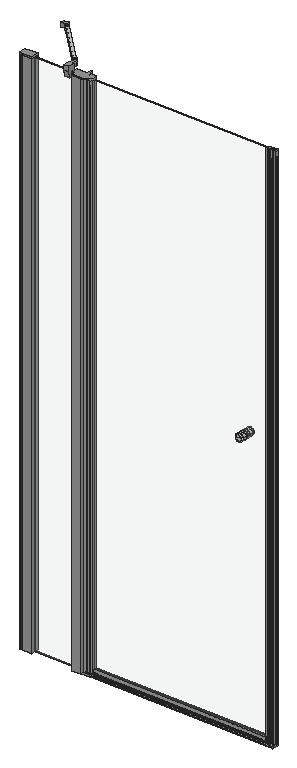
Revit family "Sanitary_Shower-screens_Duscholux_Giro_Fixed-Segment+Pivot-door-shower", category Plumbing Fixtures, Revit 2016
Family settings
  Part Type = Normal
  Round Connector Dimension = Use Diameter
  OmniClass Number = 23.45.00.00
  OmniClass Title = Sanitary, Laundry, and Cleaning Equipment
  Work Plane-Based = No
  Always vertical = Yes
  Cut with Voids When Loaded = No
  Shared = No
  Room Calculation Point = No
Parameters (values of type "Shiny silver Finish")
  Width = 900 mm
  Uniclass 2015 Description = "Shower Enclosures"
  Uniclass 2015 Code = "PR-40-20-06-79"
  URL = "http://www.duscholux.es/"
  UNSPSC Code = "30181507"
  Thickness Glass = 5 mm  # constant formula
  Technical Inspection Certificate (Applus) = "http://www.duscholux.es/resources/custom/var/APPLUS_en.pdf"
  Series = "Plus Evolution Giro"
  Region South America = "Consult"
  Region Oceania = "Consult"
  Region North America = "Consult"
  Region Middle East = "Consult"
  Region Europe = "AD, ES, FR, PT"
  Region Asia = "Consult"
  Region Antartica = "Consult"
  Region Africa = "Consult"
  Ref. = "7BA / 7BC"
  Products = "http://www.duscholux.es/mamparas_filtro.aspx?es"
  Product group = "Front for shower"
  Product family = "Plus Evolution Giro"
  Opening System Image = "http://blob.duscholux.es/pluma512/FDIzq1f1pabatible180.gif"
  Opening System = "Pivot Door"
  Opening angle = 0.00°
  Net Weight (Kg) = 30
  NBS Reference Description = "Shower Enclosures"
  NBS Reference Code = "45-35-70"
  Model = ""
  Min Max Width = if(Width < 800 mm, 800 mm, if(Width > 1200 mm, 1200 mm, Width))  # 900 mm
  Max Height = if(Height > 2000 mm, 2000 mm, Height)  # 1900 mm
  Manufacturer name = "Duscholux Ibérica, S.A."
  Manufacturer country = "Spain"
  Maintenance and Cleaning = "http://www.duscholux.es/mamparas_limpieza.aspx?en"
  Image = "http://www.duscholux.es/resources/custom/img/mamparas/PLUS%20EVOLUTION%20GIRO/modelos/1F1PFDA/mampara_h.jpg"
  IFC Classification = "Furnishing Element"
  Height = 1900 mm
  Handle Material = Matt Silver Aluminium Finish
  Handle Height = Max Height / 2  # 950 mm
  Glass in Building UNE EN 12150 = "CE Conformity marking"
  Glass height = Max Height - 8 mm  # 1892 mm
  Glass Material = Glass_Material-Duscholux
  Frame Material = Shiny Silver  Aluminium Finish
  Fact Sheet = "http://blob.duscholux.es/enpdf2018/Giro1F1PFD.pdf"
  Manufacturer = "Duscholux Ibérica, S.A."
  Environmental Management ISO 14001 = "ECOEMBES Certificate"
  Edition number = "1"
  Door Aperture = Min Max Width - 240 mm - 21 mm  # 639 mm
  Design country = "Spain / Germany"
  Description = "Front 1 Fixed segment + 1 pivot door at 180° for shower"
  Date of publishing = ""
  COBIe Type Category = ""
  Brand = "Duscholux"
  Assembly Code = "C1030200"
  Configuration enclosure = "http://configuratumampara.duscholux.es/eCatalogo.aspx"
  Components = "Eropean components"
  Type Comments = ""
  Combinations = "Lateral 90° / Lateral180°"
  Certified Quality UNE EN 14428 = "http://www.duscholux.es/duscholux_downloads.aspx?es"
  Accesories Material = Plastic, Gray
Types (4, lengths in mm): name | Width | Min Max Width | Handle Material | Frame Material | Door Aperture | Design country | Accesories Material
  (no name) | 900 | 900 | Matt Silver Aluminium Finish | Shiny Silver  Aluminium Finish | 639 | "Spain / Germany" | Plastic, Gray
  Shiny silver Finish | 900 | 900 | Matt Silver Aluminium Finish | Shiny Silver  Aluminium Finish | 639 | "Spain / Germany" | Plastic, Gray
  White Aluminium Finish | 800 | 800 | White Finish | White Aluminium Finish | 539 | "Eropean components" | White Finish
  Silver Matt Aluminium Finish | 900 | 900 | Matt Silver Aluminium Finish | Matt Silver Aluminium Finish | 639 | "Spain / Germany" | Plastic, Gray
Reference planes
  plane 1 "Centro (Frontal/Posterior)": y = 0
  plane 2: z = 0
  plane 3 "Centro (Izquierda/Derecha)": x = 0
  plane 4: z = 1900
  plane 5: x = 900
  plane 6: z = 950
  plane 7: z = 0
  plane 8: z = 8
  plane 9: y = -15.3
  plane 10: x = 879
  plane 11: z = 1896
  plane 12: x = 239.984
  plane 13: z = 1892
Forms (mm)
  Extrusion 1, solid, material "Glass_Material-Duscholux" <- "Glass Material"
    sketch origin (243.149, 15.3, 0) x (1, 0, 0) y (0, 1, 0)
      loop
        line (-0.257, -12.8) -> (-0.257, -17.8) -> (627.451, -17.8) -> (627.451, -12.8) -> (-0.257, -12.8)
    from 8 to 1892
  Extrusion 2, solid, material "Shiny Silver  Aluminium Finish" <- "Frame Material"
    sketch origin (-390.95, 0.5, 0) x (1, 0, 0) y (0, 1, 0)
      loop
        line (1290.95, 3.5) -> (1278.95, 3.5) -> (1278.95, -4.5) -> (1290.95, -4.5) -> (1290.95, 3.5)
      loop
        line (1280.45, -3) -> (1289.45, -3) -> (1289.45, 2) -> (1280.45, 2) -> (1280.45, -3)
    from 0 to 1892
  Extrusion 3, solid, material "Plástico, transparente"
    sketch origin (-390.95, 0.5, 0) x (1, 0, 0) y (0, 1, 0)
      loop
        arc (1274.458, 6.25) -> (1271.362, 5.707) -> (1269.95, 2.898) r 3.5
        line (1269.95, 2.898) -> (1269.95, -3.898)
        arc (1269.95, -3.898) -> (1271.362, -6.707) -> (1274.458, -7.25) r 3.5
        line (1274.458, -7.25) -> (1279.376, -5.771) -> (1285.217, -5.771)
        arc (1285.217, -5.771) -> (1286.098, -5.396) -> (1286.436, -4.5) r 1.22
        line (1286.436, -4.5) -> (1278.95, -4.5) -> (1278.95, 3.5) -> (1286.436, 3.5)
        arc (1286.436, 3.5) -> (1286.098, 4.396) -> (1285.217, 4.771) r 1.22
        line (1285.217, 4.771) -> (1279.376, 4.771) -> (1274.458, 6.25)
    from 0 to 1892
  Extrusion 4, solid, material "Plástico, transparente"
    sketch origin (380.751, -62.856, 0) x (1, 0, 0) y (0, 1, 0)
      loop
        line (484.812, 65.711) -> (489.849, 65.711) -> (489.849, 60.001) -> (484.812, 60.001) -> (484.812, 59.001) -> (489.136, 59.001)
        arc (489.136, 59.001) -> (492.614, 56.681) -> (496.796, 56.63) r 7.362
        arc (496.796, 56.63) -> (497.847, 57.346) -> (498.249, 58.553) r 1.989
        line (498.249, 58.553) -> (498.249, 67.159)
        arc (498.249, 67.159) -> (497.84, 68.371) -> (496.78, 69.087) r 2
        arc (496.78, 69.087) -> (492.606, 69.031) -> (489.136, 66.711) r 7.349
        line (489.136, 66.711) -> (484.812, 66.711) -> (484.812, 65.711)
    from 0 to 1892
  Extrusion 5, solid, material "Plastic, Gray" <- "Accesories Material"
    sketch origin (0, 0, 0) x (1, 0, 0) y (0, 1, 0)
      loop
        line (900, 4) -> (888, 4) -> (888, -4) -> (900, -4) -> (900, 4)
    from 1892 to 1896
  Extrusion 6, solid, material "Shiny Silver  Aluminium Finish" <- "Frame Material", detail levels medium+fine
    sketch origin (0, 32.415, 0) x (0, 1, 0) y (0, 0, 1)
      loop
        line (-48.975, 0) -> (-39.375, 0) -> (-39.375, 3)
        arc (-39.375, 3) -> (-39.96, 4.414) -> (-41.375, 5) r 2
        line (-41.375, 5) -> (-46.975, 5)
        arc (-46.975, 5) -> (-48.389, 4.414) -> (-48.975, 3) r 2
        line (-48.975, 3) -> (-48.975, 0)
    from 252.729 to 886
  Extrusion 7, solid, material "Plastic, Gray" <- "Accesories Material", detail levels medium+fine
    sketch origin (0, 0, 0) x (1, 0, 0) y (0, 1, 0)
      loop
        arc (888.886, -5.45) -> (888.461, -6.475) -> (887.436, -6.9) r 1.45
        line (887.436, -6.9) -> (886, -6.9) -> (886, -18) -> (898, -18)
        arc (898, -18) -> (899.414, -17.414) -> (900, -16) r 2
        line (900, -16) -> (900, -4) -> (888.886, -4) -> (888.886, -5.45)
    from 0 to 6
  Extrusion 8, solid, material "Shiny Silver  Aluminium Finish" <- "Frame Material"
    sketch origin (0, 0, 0) x (1, 0, 0) y (0, 1, 0)
      loop
        line (183.4, 9.29) -> (183.4, 1.79) -> (193.9, 1.79) -> (193.9, -6.21) -> (183.4, -6.21) -> (183.4, -13.71) -> (211.45, -13.71) -> (211.45, -12.36) -> (184.75, -12.36) -> (184.75, -7.555) -> (195.25, -7.555) -> (195.25, 3.135) -> (184.75, 3.135) -> (184.75, 7.94) -> (211.45, 7.94) -> (211.45, 9.29) -> (183.4, 9.29)
    from 0 to 1892
  Extrusion 9, solid, material "Shiny Silver  Aluminium Finish" <- "Frame Material"
    sketch origin (0, 0, 0) x (1, 0, 0) y (0, 1, 0)
      loop
        line (43.002, 12.565) -> (11.652, 12.565) -> (11.652, 9.593) -> (41.752, 9.593) -> (41.752, 3.037) -> (31.002, 3.037) -> (31.002, -7.457) -> (41.752, -7.457) -> (41.752, -14.013) -> (11.652, -14.013) -> (11.652, -16.985) -> (43.002, -16.985) -> (43.002, -6.207) -> (32.502, -6.207) -> (32.502, 1.787) -> (43.002, 1.787) -> (43.002, 12.565)
    from 0 to 1892
  Extrusion 10, solid, material "Shiny Silver  Aluminium Finish" <- "Frame Material"
    sketch origin (0, 0, 0) x (1, 0, 0) y (0, 1, 0)
      loop
        line (31.002, 9.392) -> (0, 9.392) -> (0, 7.892) -> (1.25, 7.892) -> (1.25, -12.308) -> (0, -12.308) -> (0, -13.808) -> (31.002, -13.808) -> (31.002, -12.308) -> (2.752, -12.308) -> (2.752, 7.892) -> (31.002, 7.892) -> (31.002, 9.392)
    from 0 to 1892
  Extrusion 11, solid, material "Glass_Material-Duscholux" <- "Glass Material"
    sketch origin (0, -2.21, 0) x (1, 0, 0) y (0, 1, 0)
      loop
        line (32.502, 2.5) -> (32.502, -2.5) -> (193.9, -2.5) -> (193.9, 2.5) -> (32.502, 2.5)
    from 0 to 1892
  Extrusion 12, solid, material "Shiny Silver  Aluminium Finish" <- "Frame Material"
    sketch origin (73.4, 0, 0) x (1, 0, 0) y (0, 1, 0)
      loop
        line (148.502, 28.54) -> (144.852, 28.54) -> (144.852, 10.89) -> (118.352, 10.89) -> (118.352, 9.39) -> (143.482, 9.39) -> (143.482, -13.81) -> (116.552, -13.81) -> (116.552, -20.87) -> (149.402, -20.87) -> (149.402, -12.5) -> (152.851, -12.5) -> (158.356, -6)
        arc (158.356, -6) -> (156.351, -0.015) -> (158.239, 6.008) r 10.234
        line (158.239, 6.008) -> (152.851, 14) -> (152.851, 15.023) -> (151.224, 24.249) -> (148.502, 28.54)
    from 0 to 1892
  Extrusion 13, solid, material "Plastic, Gray" <- "Accesories Material", detail levels medium+fine
    sketch origin (0, 0, 0) x (1, 0, 0) y (0, 1, 0)
      loop
        line (222.802, -18) -> (252.729, -18) -> (252.729, -4.689) -> (245.132, -8.76)
        arc (245.132, -8.76) -> (237.916, -9.938) -> (231.756, -6) r 10.234
        line (231.756, -6) -> (226.251, -12.5) -> (222.802, -12.5) -> (222.802, -18)
    from 0 to 6
  Extrusion 14, solid, material "Shiny Silver  Aluminium Finish" <- "Frame Material"
    sketch origin (239.984, 0, 0) x (1, 0, 0) y (0, 1, 0)
      loop
        line (12.745, 4.857) -> (5.148, 8.929)
        arc (5.148, 8.929) -> (-10.234, 0.084) -> (5.148, -8.76) r 10.234
        line (5.148, -8.76) -> (12.745, -4.689) -> (12.745, -3.689) -> (2.907, -3.689) -> (2.907, 3.857) -> (12.745, 3.857) -> (12.745, 4.857)
      loop
        circle (0, 0.084) r 1.482
    from 0 to 1892
  Extrusion 15, solid, material "Plastic, Gray" <- "Accesories Material"
    sketch origin (0, 0, 0) x (1, 0, 0) y (0, 1, 0)
      loop
        line (43.002, 12.565) -> (11.652, 12.565) -> (11.652, 9.392) -> (0, 9.392) -> (0, -13.808) -> (11.652, -13.808) -> (11.652, -16.985) -> (43.002, -16.985) -> (43.002, 12.565)
    from 1892 to 1896
  Extrusion 16, solid, material "Plastic, Gray" <- "Accesories Material"
    sketch origin (0, 0, 0) x (1, 0, 0) y (0, 1, 0)
      loop
        line (191.752, 10.89) -> (191.752, 9.29) -> (183.4, 9.29) -> (183.4, -13.71) -> (189.952, -13.71) -> (189.952, -20.87) -> (222.393, -20.87) -> (244.738, -12.738)
        arc (244.738, -12.738) -> (253.657, 0) -> (244.738, 12.738) r 13.555
        line (244.738, 12.738) -> (225.413, 19.771) -> (224.624, 24.249) -> (221.902, 28.54) -> (218.252, 28.54) -> (218.252, 10.89) -> (191.752, 10.89)
    from 1892 to 1896
Lines and regions (mm)
  reference lines
    curve 1: line (239.984, 0, 0) -> (878.984, 0, 0)
  symbolic lines
    curve 2: line (239.984, 0, 0) -> (239.984, 639, 0)
    curve 3: line (239.984, 0, 0) -> (239.984, -639, 0)
    curve 4: arc (239.984, -639, 0) -> (878.984, 0, 0) -> (239.984, 639, 0) r 639
Dimensions and locks
  "Thickness Glass": Extrusion 1 to Extrusion 1
  plane 8 to level = 8 mm
  "Max Height": plane 4 to level
  "Min Max Width": plane 3 "Centro (Izquierda/Derecha)" to plane 5
  "Handle Height": plane 6 to level
  locked: plane 10 to plane 5 at 21
  locked: plane 4 to Extrusion 1 at 8
  locked: plane 4 to plane 11 at 4
  locked: nested 2 to Extrusion 1 at 85
  locked: Extrusion 7 to plane 5 at 14
  locked: plane 3 "Centro (Izquierda/Derecha)" to plane 12 at 239.984
  "Door Aperture": curve 1 to curve 1
  plane 3 "Centro (Izquierda/Derecha)" to Extrusion 15 = 43.002 mm
  "Door Aperture": curve 2 to curve 2
  "Door Aperture": curve 3 to curve 3
  "Glass height": plane 13 to level
  "Opening angle": angle curve 1 to plane 1 "Centro (Frontal/Posterior)"
  aligned and locked: level to plane 2
  aligned and locked: Extrusion 1 to plane 8
  aligned and locked: Extrusion 3 to Extrusion 1
  aligned and locked: Extrusion 2 to Extrusion 1
  aligned and locked: Extrusion 4 to Extrusion 1  (x2)
  aligned and locked: nested 1 to Extrusion 4
  aligned and locked: Extrusion 5 to Extrusion 2
  aligned and locked: plane 11 to Extrusion 5
  aligned and locked: nested 2 to plane 6
  aligned and locked: plane 6 to nested 3
  aligned and locked: nested 2 to nested 3
  aligned and locked: Extrusion 7 to level
  aligned and locked: Extrusion 6 to Extrusion 7
  aligned and locked: Extrusion 7 to Extrusion 2
  aligned and locked: Extrusion 1 to Extrusion 8
  aligned and locked: Extrusion 1 to Extrusion 9
  aligned and locked: Extrusion 1 to Extrusion 10
  aligned and locked: Extrusion 11 to Extrusion 8
  aligned and locked: Extrusion 11 to Extrusion 9
  aligned and locked: Extrusion 1 to Extrusion 11
  aligned and locked: Extrusion 1 to Extrusion 12
  aligned and locked: Extrusion 13 to plane 7
  aligned and locked: Extrusion 7 to Extrusion 13
  aligned and locked: Extrusion 1 to Extrusion 14
  aligned and locked: plane 12 to curve 1
  aligned and locked: plane 1 "Centro (Frontal/Posterior)" to curve 1
  aligned and locked: Extrusion 15 to Extrusion 9
  aligned and locked: plane 11 to Extrusion 15
  aligned and locked: Extrusion 16 to Extrusion 1
  aligned and locked: plane 11 to Extrusion 16
  aligned and locked: plane 13 to nested 4
Automatic sketch dimensions
  curve 1 to Extrusion 1 sketch curve = 2.907 mm
  Extrusion 1 sketch curve to curve 1 = 8.384 mm
  Extrusion 1 sketch curve to curve 1 = 2.5 mm
  Extrusion 1 sketch curve to Extrusion 1 sketch curve = 5 mm
  Extrusion 2 sketch curve to plane 1 "Centro (Frontal/Posterior)" = 4 mm
  Extrusion 2 sketch curve to plane 5 = 12 mm
  Extrusion 2 sketch curve to Extrusion 2 sketch curve = 1.5 mm  (x3)
  plane 1 "Centro (Frontal/Posterior)" to Extrusion 2 sketch curve = 2.5 mm
  Extrusion 2 sketch curve to Extrusion 2 sketch curve = 9 mm
  Extrusion 2 sketch curve to plane 1 "Centro (Frontal/Posterior)" = 2.5 mm
  plane 1 "Centro (Frontal/Posterior)" to Extrusion 3 sketch curve = 3.398 mm
  Extrusion 3 sketch curve to plane 5 = 21 mm
  Extrusion 3 sketch curve to Extrusion 3 sketch curve = 3.5 mm  (x2)
  Extrusion 3 sketch curve to plane 1 "Centro (Frontal/Posterior)" = 6.75 mm
  Extrusion 3 sketch curve to Extrusion 3 sketch curve = 1.008 mm
  plane 1 "Centro (Frontal/Posterior)" to Extrusion 3 sketch curve = 6.75 mm
  Extrusion 3 sketch curve to Extrusion 3 sketch curve = 4.492 mm
  Extrusion 3 sketch curve to Extrusion 3 sketch curve = 0.425 mm  (x2)
  Extrusion 3 sketch curve to plane 1 "Centro (Frontal/Posterior)" = 5.271 mm
  Extrusion 3 sketch curve to Extrusion 3 sketch curve = 5.841 mm  (x2)
  Extrusion 3 sketch curve to plane 1 "Centro (Frontal/Posterior)" = 4.051 mm
  Extrusion 3 sketch curve to Extrusion 3 sketch curve = 1.219 mm  (x2)
  plane 1 "Centro (Frontal/Posterior)" to Extrusion 3 sketch curve = 5.271 mm
  Extrusion 3 sketch curve to Extrusion 3 sketch curve = 1.22 mm
  Extrusion 4 sketch curve to curve 1 = 2.855 mm
  Extrusion 4 sketch curve to curve 1 = 8.384 mm
  Extrusion 4 sketch curve to Extrusion 4 sketch curve = 5.037 mm  (x2)
  Extrusion 4 sketch curve to Extrusion 4 sketch curve = 5.71 mm
  Extrusion 4 sketch curve to Extrusion 4 sketch curve = 1 mm
  Extrusion 4 sketch curve to Extrusion 4 sketch curve = 0.714 mm  (x2)
  Extrusion 4 sketch curve to Extrusion 4 sketch curve = 4.942 mm
  Extrusion 4 sketch curve to Extrusion 4 sketch curve = 1.998 mm
  Extrusion 4 sketch curve to Extrusion 4 sketch curve = 2.004 mm
  Extrusion 4 sketch curve to Extrusion 4 sketch curve = 0.536 mm
  Extrusion 4 sketch curve to Extrusion 4 sketch curve = 1.916 mm
  Extrusion 4 sketch curve to Extrusion 4 sketch curve = 1.989 mm
  Extrusion 4 sketch curve to Extrusion 4 sketch curve = 3.445 mm
  Extrusion 4 sketch curve to Extrusion 4 sketch curve = 2 mm
  Extrusion 4 sketch curve to Extrusion 4 sketch curve = 0.531 mm
  Extrusion 4 sketch curve to Extrusion 4 sketch curve = 0.004 mm
  Extrusion 4 sketch curve to Extrusion 4 sketch curve = 1.7 mm
  Extrusion 5 sketch curve to plane 5 = 0 mm
  Extrusion 5 sketch curve to plane 1 "Centro (Frontal/Posterior)" = 4 mm
  plane 10 to Extrusion 5 sketch curve = 9 mm
  plane 1 "Centro (Frontal/Posterior)" to Extrusion 5 sketch curve = 4 mm
  Extrusion 6 sketch curve to level = 0 mm
  plane 9 to Extrusion 6 sketch curve = 1.259 mm
  Extrusion 6 sketch curve to Extrusion 6 sketch curve = 2 mm  (x2)
  Extrusion 6 sketch curve to Extrusion 6 sketch curve = 5.6 mm
  Extrusion 6 sketch curve to Extrusion 6 sketch curve = 3 mm
  Extrusion 7 sketch curve to plane 5 = 0 mm
  plane 9 to Extrusion 7 sketch curve = 0.7 mm
  Extrusion 7 sketch curve to Extrusion 7 sketch curve = 2 mm
  plane 10 to Extrusion 7 sketch curve = 8.436 mm
  plane 10 to Extrusion 7 sketch curve = 7 mm
  plane 1 "Centro (Frontal/Posterior)" to Extrusion 7 sketch curve = 6.9 mm
  Extrusion 7 sketch curve to Extrusion 7 sketch curve = 1.45 mm
  plane 1 "Centro (Frontal/Posterior)" to Extrusion 7 sketch curve = 4 mm
  Extrusion 8 sketch curve to plane 1 "Centro (Frontal/Posterior)" = 7.94 mm
  Extrusion 8 sketch curve to plane 12 = 55.234 mm
  Extrusion 8 sketch curve to Extrusion 8 sketch curve = 1.35 mm  (x5)
  Extrusion 8 sketch curve to Extrusion 8 sketch curve = 26.7 mm
  Extrusion 8 sketch curve to plane 1 "Centro (Frontal/Posterior)" = 3.135 mm
  Extrusion 8 sketch curve to Extrusion 8 sketch curve = 10.5 mm
  Extrusion 8 sketch curve to plane 1 "Centro (Frontal/Posterior)" = 1.79 mm
  Extrusion 8 sketch curve to Extrusion 8 sketch curve = 1.345 mm
  Extrusion 8 sketch curve to Extrusion 8 sketch curve = 9.15 mm
  Extrusion 8 sketch curve to plane 9 = 2.94 mm
  Extrusion 8 sketch curve to Extrusion 8 sketch curve = 16.2 mm
  plane 3 "Centro (Izquierda/Derecha)" to Extrusion 9 sketch curve = 11.652 mm  (x2)
  plane 9 to Extrusion 9 sketch curve = 1.685 mm
  Extrusion 9 sketch curve to plane 1 "Centro (Frontal/Posterior)" = 3.037 mm
  Extrusion 9 sketch curve to Extrusion 9 sketch curve = 19.35 mm
  Extrusion 9 sketch curve to Extrusion 9 sketch curve = 1.5 mm
  Extrusion 9 sketch curve to Extrusion 9 sketch curve = 9.25 mm  (x2)
  Extrusion 9 sketch curve to Extrusion 9 sketch curve = 1.25 mm  (x3)
  plane 1 "Centro (Frontal/Posterior)" to Extrusion 9 sketch curve = 7.457 mm
  Extrusion 9 sketch curve to plane 1 "Centro (Frontal/Posterior)" = 1.787 mm
  Extrusion 9 sketch curve to Extrusion 9 sketch curve = 6.555 mm
  Extrusion 9 sketch curve to Extrusion 9 sketch curve = 2.972 mm
  Extrusion 9 sketch curve to plane 9 = 1.287 mm
  Extrusion 10 sketch curve to plane 1 "Centro (Frontal/Posterior)" = 7.892 mm
  plane 3 "Centro (Izquierda/Derecha)" to Extrusion 10 sketch curve = 31.002 mm
  plane 3 "Centro (Izquierda/Derecha)" to Extrusion 10 sketch curve = 2.752 mm
  Extrusion 10 sketch curve to Extrusion 10 sketch curve = 1.5 mm
  Extrusion 10 sketch curve to plane 3 "Centro (Izquierda/Derecha)" = 0 mm  (x2)
  plane 3 "Centro (Izquierda/Derecha)" to Extrusion 10 sketch curve = 1.25 mm
  Extrusion 10 sketch curve to plane 9 = 2.992 mm
  Extrusion 10 sketch curve to Extrusion 10 sketch curve = 0 mm  (x3)
  Extrusion 10 sketch curve to plane 9 = 1.492 mm
  Extrusion 8 sketch curve to Extrusion 8 sketch curve = 4.805 mm
  Extrusion 11 sketch curve to plane 12 = 207.483 mm
  plane 1 "Centro (Frontal/Posterior)" to Extrusion 11 sketch curve = 4.71 mm
  Extrusion 11 sketch curve to Extrusion 11 sketch curve = 161.398 mm
  Extrusion 11 sketch curve to plane 1 "Centro (Frontal/Posterior)" = 0.29 mm
  Extrusion 12 sketch curve to plane 1 "Centro (Frontal/Posterior)" = 28.54 mm
  Extrusion 12 sketch curve to plane 12 = 18.083 mm
  Extrusion 12 sketch curve to Extrusion 12 sketch curve = 3.65 mm
  Extrusion 12 sketch curve to plane 1 "Centro (Frontal/Posterior)" = 24.249 mm
  Extrusion 12 sketch curve to Extrusion 12 sketch curve = 2.722 mm
  Extrusion 12 sketch curve to plane 1 "Centro (Frontal/Posterior)" = 15.023 mm
  Extrusion 12 sketch curve to Extrusion 12 sketch curve = 1.627 mm
  Extrusion 12 sketch curve to Extrusion 12 sketch curve = 1.023 mm
  Extrusion 12 sketch curve to plane 1 "Centro (Frontal/Posterior)" = 6.008 mm
  Extrusion 12 sketch curve to Extrusion 12 sketch curve = 5.389 mm
  Extrusion 12 sketch curve to plane 1 "Centro (Frontal/Posterior)" = 0.084 mm
  Extrusion 12 sketch curve to Extrusion 12 sketch curve = 8.345 mm
  plane 1 "Centro (Frontal/Posterior)" to Extrusion 12 sketch curve = 6 mm
  Extrusion 12 sketch curve to Extrusion 12 sketch curve = 5.505 mm
  Extrusion 12 sketch curve to Extrusion 12 sketch curve = 3.449 mm
  plane 9 to Extrusion 12 sketch curve = 5.57 mm
  Extrusion 12 sketch curve to plane 9 = 2.8 mm
  Extrusion 12 sketch curve to Extrusion 12 sketch curve = 32.85 mm
  Extrusion 12 sketch curve to plane 9 = 1.49 mm
  Extrusion 12 sketch curve to Extrusion 12 sketch curve = 5.92 mm
  Extrusion 12 sketch curve to plane 1 "Centro (Frontal/Posterior)" = 9.39 mm
  Extrusion 12 sketch curve to Extrusion 12 sketch curve = 1.8 mm
  Extrusion 12 sketch curve to Extrusion 12 sketch curve = 1.5 mm
  Extrusion 13 sketch curve to plane 12 = 0 mm
  Extrusion 13 sketch curve to plane 9 = 2.8 mm
  Extrusion 13 sketch curve to Extrusion 13 sketch curve = 5.505 mm
  plane 9 to Extrusion 13 sketch curve = 2.7 mm
  Extrusion 13 sketch curve to Extrusion 13 sketch curve = 3.449 mm
  plane 12 to Extrusion 13 sketch curve = 5.148 mm
  Extrusion 13 sketch curve to Extrusion 13 sketch curve = 7.597 mm
  Extrusion 13 sketch curve to plane 9 = 6.54 mm
  plane 1 "Centro (Frontal/Posterior)" to Extrusion 13 sketch curve = 6 mm
  plane 1 "Centro (Frontal/Posterior)" to Extrusion 13 sketch curve = 4.689 mm
  Extrusion 13 sketch curve to plane 1 "Centro (Frontal/Posterior)" = 0.084 mm
  Extrusion 14 sketch curve to Extrusion 14 sketch curve = 0 mm  (x3)
  Extrusion 14 sketch curve to curve 1 = 0 mm
  curve 1 to Extrusion 14 sketch curve = 0.084 mm
  curve 1 to Extrusion 14 sketch curve = 2.907 mm
  curve 1 to Extrusion 14 sketch curve = 5.148 mm  (x2)
  Extrusion 14 sketch curve to curve 1 = 3.857 mm
  Extrusion 14 sketch curve to Extrusion 14 sketch curve = 7.597 mm
  Extrusion 14 sketch curve to curve 1 = 3.689 mm
  Extrusion 14 sketch curve to curve 1 = 8.76 mm
  Extrusion 14 sketch curve to Extrusion 14 sketch curve = 1 mm
  Extrusion 14 sketch curve to curve 1 = 1.482 mm
  curve 1 to Extrusion 14 sketch curve = 4.689 mm
  Extrusion 15 sketch curve to plane 3 "Centro (Izquierda/Derecha)" = 0 mm
  plane 9 to Extrusion 15 sketch curve = 1.685 mm
  plane 3 "Centro (Izquierda/Derecha)" to Extrusion 15 sketch curve = 11.652 mm  (x2)
  Extrusion 15 sketch curve to Extrusion 15 sketch curve = 31.35 mm
  Extrusion 15 sketch curve to plane 9 = 1.492 mm
  Extrusion 15 sketch curve to plane 1 "Centro (Frontal/Posterior)" = 12.565 mm
  Extrusion 15 sketch curve to plane 1 "Centro (Frontal/Posterior)" = 9.392 mm
  plane 1 "Centro (Frontal/Posterior)" to Extrusion 16 sketch curve = 0 mm
  Extrusion 16 sketch curve to plane 1 "Centro (Frontal/Posterior)" = 9.29 mm
  Extrusion 16 sketch curve to plane 12 = 56.584 mm
  Extrusion 16 sketch curve to plane 9 = 1.59 mm
  Extrusion 16 sketch curve to Extrusion 16 sketch curve = 6.552 mm
  Extrusion 16 sketch curve to Extrusion 16 sketch curve = 8.352 mm
  Extrusion 16 sketch curve to plane 12 = 21.733 mm
  Extrusion 16 sketch curve to Extrusion 16 sketch curve = 3.65 mm
  plane 9 to Extrusion 16 sketch curve = 5.57 mm
  Extrusion 16 sketch curve to plane 12 = 17.591 mm
  Extrusion 16 sketch curve to Extrusion 16 sketch curve = 2.722 mm
  Extrusion 16 sketch curve to Extrusion 16 sketch curve = 0.79 mm
  plane 12 to Extrusion 16 sketch curve = 0.118 mm
  plane 12 to Extrusion 16 sketch curve = 4.754 mm  (x2)
  Extrusion 16 sketch curve to plane 9 = 2.562 mm
  Extrusion 16 sketch curve to Extrusion 16 sketch curve = 1.6 mm
  Extrusion 16 sketch curve to Extrusion 16 sketch curve = 8.881 mm
  Extrusion 16 sketch curve to Extrusion 16 sketch curve = 4.478 mm
  Extrusion 16 sketch curve to Extrusion 16 sketch curve = 4.291 mm
  curve 2 to plane 12 = 0 mm
  plane 1 "Centro (Frontal/Posterior)" to curve 3 = 0 mm
Nested families
  nested 1: "Lower-Guide" at (252.729, 0, 8), type "Lower-Guide", detail levels fine
    with built-in parameter 1001306 2.0106 (stored number, unit not read)
  nested 2: "Handle" at (785.6, -2.5, 950) x (1, 0, 0) z (0, -1, 0), type "Handle", detail levels medium+fine
  nested 3: "Handle" at (785.6, 2.5, 950) x (1, 0, 0) z (0, 1, 0), type "Handle", detail levels medium+fine
  nested 4: "Wall Support 45°" at (165, -2.21, 1892) x (0, 1, 0) z (0, 0, 1), type "Wall Support 45°", detail levels medium+fine
Definition of nested family "Lower-Guide"
  Parameters (values of type "2353MA")
    built-in parameter 1001306 [instance] = 500 mm
  Reference planes
    plane 1 "Centro (Frontal/Posterior)": y = 0
    plane 2: z = 0
    plane 3 "Izquierda": x = 0
    plane 4 "Derecha": x = 500
    plane 5: z = 0
  Forms (mm)
    Extrusion 1, solid
      sketch origin (0, 0, 0) x (0, 1, 0) y (0, 0, 1)
        loop
          line (-4.2, 0) -> (-3, 12) -> (-4.5, 12) -> (-5.692, 0.15)
          arc (-5.692, 0.15) -> (-5.345, -0.968) -> (-4.3, -1.497) r 1.5
          line (-4.3, -1.497) -> (-4.3, -5.874)
          arc (-4.3, -5.874) -> (-3.9, -6.274) -> (-3.5, -5.874) r 0.4
          line (-3.5, -5.874) -> (-3.5, -1.5) -> (3.5, -1.5) -> (3.5, -7.653)
          arc (3.5, -7.653) -> (3.9, -8.053) -> (4.3, -7.653) r 0.4
          line (4.3, -7.653) -> (4.3, -1.508) -> (5.754, -1.508) -> (11.976, -3.947)
          arc (11.976, -3.947) -> (12.62, -3.771) -> (12.515, -3.111) r 0.5
          line (12.515, -3.111) -> (9.056, -1.58)
          arc (9.056, -1.58) -> (6.398, 0.585) -> (5.211, 3.802) r 6.5
          line (5.211, 3.802) -> (4.5, 12) -> (3, 12) -> (4.2, 0) -> (-4.2, 0)
      from 0 to 500
  Lines and regions (mm)
    reference lines
      curve 1: line (0, 0, 0) -> (500, 0, 0)
  Dimensions and locks
    "built-in parameter 1001306": plane 3 "Izquierda" to plane 4 "Derecha"
    aligned and locked: plane 4 "Derecha" to curve 1
    aligned and locked: plane 1 "Centro (Frontal/Posterior)" to curve 1
    aligned and locked: plane 3 "Izquierda" to curve 1
    aligned and locked: level to plane 2
    aligned and locked: plane 4 "Derecha" to Extrusion 1
  Automatic sketch dimensions
    Extrusion 1 sketch curve to level = 0 mm  (x2)
    Extrusion 1 sketch curve to Extrusion 1 sketch curve = 0.4 mm  (x3)
    Extrusion 1 sketch curve to Extrusion 1 sketch curve = 0 mm  (x2)
    Extrusion 1 sketch curve to Extrusion 1 sketch curve = 1.5 mm  (x2)
    Extrusion 1 sketch curve to Extrusion 1 sketch curve = 1.454 mm
    Extrusion 1 sketch curve to level = 1.58 mm
    Extrusion 1 sketch curve to Extrusion 1 sketch curve = 3.301 mm
    level to Extrusion 1 sketch curve = 4.364 mm
    Extrusion 1 sketch curve to Extrusion 1 sketch curve = 2.632 mm
    Extrusion 1 sketch curve to level = 3.947 mm
    Extrusion 1 sketch curve to Extrusion 1 sketch curve = 2.921 mm
    Extrusion 1 sketch curve to Extrusion 1 sketch curve = 0.224 mm
    Extrusion 1 sketch curve to level = 3.111 mm
    Extrusion 1 sketch curve to Extrusion 1 sketch curve = 0.315 mm
    Extrusion 1 sketch curve to level = 5.874 mm
    Extrusion 1 sketch curve to Extrusion 1 sketch curve = 1.778 mm
    Extrusion 1 sketch curve to level = 1.508 mm
    Extrusion 1 sketch curve to level = 1.5 mm
    Extrusion 1 sketch curve to Extrusion 1 sketch curve = 0.003 mm
    level to Extrusion 1 sketch curve = 12 mm
    level to Extrusion 1 sketch curve = 0.15 mm
    plane 1 "Centro (Frontal/Posterior)" to Extrusion 1 sketch curve = 3 mm
    plane 1 "Centro (Frontal/Posterior)" to Extrusion 1 sketch curve = 3.5 mm
    Extrusion 1 sketch curve to Extrusion 1 sketch curve = 0.1 mm  (x2)
    Extrusion 1 sketch curve to plane 1 "Centro (Frontal/Posterior)" = 3 mm
    Extrusion 1 sketch curve to plane 1 "Centro (Frontal/Posterior)" = 3.5 mm
    Extrusion 1 sketch curve to Extrusion 1 sketch curve = 0.799 mm
    level to Extrusion 1 sketch curve = 3.802 mm
Definition of nested family "Handle"
  Parameters (values of type "Handle-Gravity")
    Handle Material = none
    Default Elevation = 1219.2 mm
  Reference planes
    plane 1 "Centro (Frontal/Posterior)": y = 0
    plane 2: z = 0
    plane 3 "Centro (Izquierda/Derecha)": x = 0
  Forms (mm)
    Extrusion 1, solid
      sketch origin (0, 0, 0) x (1, 0, 0) y (0, 1, 0)
        loop
          line (-1219.2, 1219.2) -> (-1219.2, -1219.2) -> (1219.2, -1219.2) -> (1219.2, 1219.2) -> (-1219.2, 1219.2)
      from 0 to -304.8
    Revolve 2, solid, material <- "Handle Material"
      sketch origin (-255.555, 0, -108.84) x (1, 0, 0) y (0, 0, 1)
        loop
          arc (255.555, 132.84) -> (249.874, 132.609) -> (244.231, 131.918) r 70
          arc (244.231, 131.918) -> (243.027, 131.235) -> (242.555, 129.934) r 2
          line (242.555, 129.934) -> (242.555, 127.939) -> (244.555, 127.403) -> (244.555, 113.44) -> (242.555, 112.904) -> (242.555, 108.84) -> (255.555, 108.84) -> (255.555, 132.84)
        axis (255.555, 132.84) -> (255.555, 108.84)
      angle from 0 to 360
  Dimensions and locks
    aligned and locked: plane 2 to Extrusion 1
    aligned and locked: level to Extrusion 1
Definition of nested family "Wall Support 45°"
  Parameters (values of type "Wall Support 45°")
    Lenght = 800 mm
  Reference planes
    plane 1 "Center (Front/Back)": y = 0
    plane 2: z = 0
    plane 3 "Center (Left/Right)": x = 0
    plane 4: x = 800
    plane 5: through (26, 0, 1200) normal (-0.7071, 0.7071, 0)
    plane 6: y = 165
    plane 7: x = 176
  Forms (mm)
    Extrusion 1, solid
      sketch origin (11.441, 0, 35.625) x (1, 0, 0) y (0, 0, 1)
        loop
          line (-19.941, -52.625) -> (-2.941, -52.625) -> (-2.941, -15.625) -> (-22.941, -15.625) -> (-22.941, -32.625) -> (-19.941, -52.625)
      from -8.5 to 8.5
    Extrusion 2, void
      sketch origin (0, 0, 0) x (1, 0, 0) y (0, 0, 1)
        loop
          line (-5, 0) -> (-5, -17) -> (5, -17) -> (5, 0) -> (-5, 0)
      from -8.5 to 8.5
    Extrusion 3, solid
      sketch origin (0, 0, 0) x (1, 0, 0) y (0, 1, 0)
        loop
          line (8.5, -8.5) -> (11, -6) -> (11, 6) -> (8.5, 8.5) -> (8.5, -8.5)
      from -17 to 20
    Extrusion 4, solid
      sketch origin (-113.058, -131.909, -43.851) x (-0.707107, 0.707107, 0) y (0, 0, 1)
        loop
          line (-9.555, 48.351) -> (-0.555, 48.351) -> (-0.555, 62.351) -> (-9.555, 62.351) -> (-9.555, 48.351)
      from 206.603 to 388.735
    Extrusion 5, solid
      sketch origin (0, 0, 0) x (1, 0, 0) y (0, 1, 0)
        loop
          line (11, 6) -> (11, -6) -> (26, -6)
          arc (26, -6) -> (32, 0) -> (26, 6) r 6
          line (26, 6) -> (11, 6)
      from 14 to 20
    Extrusion 6, solid
      sketch origin (44.385, 18.385, 0) x (-0.707107, -0.707107, 0) y (0.707107, -0.707107, 0)
        loop
          line (11, 6) -> (11, -6) -> (26, -6)
          arc (26, -6) -> (32, 0) -> (26, 6) r 6
          line (26, 6) -> (11, 6)
      from 5 to 14
    Extrusion 7, solid
      sketch origin (0, 0, 0) x (1, 0, 0) y (0, 1, 0)
        loop
          line (32.364, 14.849) -> (23.515, 6) -> (26, 6)
          arc (26, 6) -> (31.543, 2.296) -> (30.243, -4.243) r 6
          line (30.243, -4.243) -> (40.849, 6.364) -> (32.364, 14.849)
      from 14 to 20
    Extrusion 8, solid
      sketch origin (176, 176, 0) x (0, -1, 0) y (1, 0, 0)
        loop
          line (11, -6) -> (26, -6)
          arc (26, -6) -> (32, 0) -> (26, 6) r 6
          line (26, 6) -> (11, 6) -> (11, -6)
      from 14 to 20
    Extrusion 9, solid
      sketch origin (176, 176, 0) x (0, -1, 0) y (1, 0, 0)
        loop
          line (32.364, -14.849) -> (40.849, -6.364) -> (30.243, 4.243)
          arc (30.243, 4.243) -> (31.543, -2.296) -> (26, -6) r 6
          line (26, -6) -> (23.515, -6) -> (32.364, -14.849)
      from 14 to 20
    Extrusion 10, solid
      sketch origin (157.615, 131.615, 0) x (0.707107, 0.707107, 0) y (-0.707107, 0.707107, 0)
        loop
          line (11, -6) -> (26, -6)
          arc (26, -6) -> (32, 0) -> (26, 6) r 6
          line (26, 6) -> (11, 6) -> (11, -6)
      from 5 to 14
    Extrusion 11, solid
      sketch origin (-22.6, -22.6, 0) x (1, 0, 0) y (0, 1, 0)
        loop
          line (192.6, 187.6) -> (192.6, 175.085) -> (194.357, 176.842)
          arc (194.357, 176.842) -> (200.896, 178.143) -> (204.6, 172.6) r 6
          line (204.6, 172.6) -> (204.6, 187.6) -> (192.6, 187.6)
      from 5 to 14
    Extrusion 12, solid
      sketch origin (0, 0, 0) x (1, 0, 0) y (0, 1, 0)
        loop
          line (11, 6) -> (11, -5.977) -> (25.477, -5.977)
          arc (25.477, -5.977) -> (20.362, -2.052) -> (21.757, 4.243) r 6
          line (21.757, 4.243) -> (23.515, 6) -> (11, 6)
      from 5 to 14
  Cuts and joins
    Extrusion 2 cuts Extrusion 1
    joined: Extrusion 1, Extrusion 3, Extrusion 5, Extrusion 12
    joined: Extrusion 6, Extrusion 7
    joined: Extrusion 9, Extrusion 10
    joined: Extrusion 8, Extrusion 11
  Dimensions and locks
    equal spacing: Extrusion 1, plane 1 "Center (Front/Back)", Extrusion 1
    locked: cut or joined group of Extrusion 1, Extrusion 2, Extrusion 3, Extrusion 5, Extrusion 12 to plane 3 "Center (Left/Right)" at 11.5
    "Lenght": plane 4 to plane 3 "Center (Left/Right)"
    locked: cut or joined group of Extrusion 1, Extrusion 2, Extrusion 3, Extrusion 5, Extrusion 12 to level at 20
    locked: level to cut or joined group of Extrusion 1, Extrusion 2, Extrusion 3, Extrusion 5, Extrusion 12 at 17
    aligned and locked: level to plane 2
    aligned and locked: Extrusion 1 to Extrusion 2
    aligned and locked: Extrusion 2 to Extrusion 1
    aligned and locked: cut or joined group of Extrusion 1, Extrusion 2, Extrusion 3, Extrusion 5, Extrusion 12 to Extrusion 3  (x2)
    aligned and locked: Extrusion 7 to Extrusion 5
    aligned and locked: cut or joined group of Extrusion 1, Extrusion 2, Extrusion 3, Extrusion 5, Extrusion 12 to Extrusion 7
    aligned and locked: Extrusion 4 to Extrusion 6
    aligned and locked: Extrusion 9 to Extrusion 8
    aligned and locked: Extrusion 11 to Extrusion 8
    aligned and locked: Extrusion 12 to cut or joined group of Extrusion 1, Extrusion 2, Extrusion 3, Extrusion 5, Extrusion 12
    aligned and locked: Extrusion 12 to cut or joined group of Extrusion 6, Extrusion 7
    aligned and locked: Extrusion 4 to cut or joined group of Extrusion 9, Extrusion 10
  Automatic sketch dimensions
    level to Extrusion 1 sketch curve = 3 mm
    Extrusion 1 sketch curve to plane 3 "Center (Left/Right)" = 11.5 mm
    Extrusion 1 sketch curve to plane 3 "Center (Left/Right)" = 8.5 mm
    plane 3 "Center (Left/Right)" to Extrusion 1 sketch curve = 8.5 mm
    Extrusion 1 sketch curve to level = 17 mm
    Extrusion 1 sketch curve to Extrusion 1 sketch curve = 17 mm
    Extrusion 2 sketch curve to level = 0 mm
    Extrusion 2 sketch curve to plane 3 "Center (Left/Right)" = 5 mm
    plane 3 "Center (Left/Right)" to Extrusion 2 sketch curve = 5 mm
    Extrusion 2 sketch curve to Extrusion 2 sketch curve = 17 mm
    plane 3 "Center (Left/Right)" to Extrusion 3 sketch curve = 8.5 mm
    Extrusion 3 sketch curve to Extrusion 3 sketch curve = 2.5 mm  (x3)
    plane 1 "Center (Front/Back)" to Extrusion 3 sketch curve = 8.5 mm
    Extrusion 3 sketch curve to plane 1 "Center (Front/Back)" = 6 mm
    Extrusion 4 sketch curve to plane 5 = 4.5 mm
    plane 5 to Extrusion 4 sketch curve = 4.5 mm
    level to Extrusion 4 sketch curve = 4.5 mm
    Extrusion 4 sketch curve to Extrusion 4 sketch curve = 14 mm
    plane 1 "Center (Front/Back)" to Extrusion 5 sketch curve = 0 mm
    Extrusion 5 sketch curve to plane 5 = 0 mm
    plane 3 "Center (Left/Right)" to Extrusion 5 sketch curve = 11 mm
    plane 1 "Center (Front/Back)" to Extrusion 5 sketch curve = 6 mm
    plane 1 "Center (Front/Back)" to Extrusion 6 sketch curve = 0 mm
    Extrusion 6 sketch curve to plane 5 = 0 mm
    plane 5 to Extrusion 6 sketch curve = 6 mm
    Extrusion 6 sketch curve to Extrusion 6 sketch curve = 15 mm
    plane 1 "Center (Front/Back)" to Extrusion 7 sketch curve = 0 mm
    Extrusion 7 sketch curve to plane 5 = 0 mm
    Extrusion 7 sketch curve to Extrusion 7 sketch curve = 2.485 mm
    plane 1 "Center (Front/Back)" to Extrusion 7 sketch curve = 4.243 mm
    Extrusion 7 sketch curve to Extrusion 7 sketch curve = 4.243 mm
    Extrusion 7 sketch curve to plane 1 "Center (Front/Back)" = 14.849 mm
    Extrusion 7 sketch curve to Extrusion 7 sketch curve = 6.364 mm
    plane 1 "Center (Front/Back)" to Extrusion 8 sketch curve = 165 mm
    plane 1 "Center (Front/Back)" to Extrusion 8 sketch curve = 150 mm
    Extrusion 8 sketch curve to Extrusion 8 sketch curve = 6 mm
    plane 1 "Center (Front/Back)" to Extrusion 9 sketch curve = 152.485 mm
    Extrusion 9 sketch curve to Extrusion 9 sketch curve = 2.485 mm
    plane 1 "Center (Front/Back)" to Extrusion 9 sketch curve = 145.757 mm
    plane 1 "Center (Front/Back)" to Extrusion 9 sketch curve = 143.636 mm
    plane 1 "Center (Front/Back)" to Extrusion 9 sketch curve = 135.151 mm
    Extrusion 9 sketch curve to Extrusion 9 sketch curve = 4.243 mm
    plane 5 to Extrusion 10 sketch curve = 6 mm
    plane 1 "Center (Front/Back)" to Extrusion 10 sketch curve = 135.151 mm
    Extrusion 10 sketch curve to Extrusion 10 sketch curve = 15 mm
    Extrusion 10 sketch curve to Extrusion 10 sketch curve = 6 mm
    Extrusion 11 sketch curve to plane 5 = 0 mm
    Extrusion 11 sketch curve to Extrusion 11 sketch curve = 15 mm
    Extrusion 11 sketch curve to Extrusion 11 sketch curve = 1.757 mm  (x2)
    plane 1 "Center (Front/Back)" to Extrusion 12 sketch curve = 0 mm
    Extrusion 12 sketch curve to plane 5 = 0 mm
    Extrusion 12 sketch curve to plane 1 "Center (Front/Back)" = 6 mm
    Extrusion 12 sketch curve to Extrusion 12 sketch curve = 2.485 mm
    Extrusion 12 sketch curve to plane 1 "Center (Front/Back)" = 4.243 mm
    Extrusion 12 sketch curve to Extrusion 12 sketch curve = 1.757 mm
    Extrusion 12 sketch curve to Extrusion 12 sketch curve = 10.757 mm
    plane 1 "Center (Front/Back)" to Extrusion 12 sketch curve = 5.977 mm
    Extrusion 8 sketch curve to plane 5 = 0 mm
    Extrusion 9 sketch curve to plane 5 = 0 mm
    Extrusion 11 sketch curve to plane 6 = 0 mm
    Extrusion 11 sketch curve to plane 6 = 10.757 mm
    Extrusion 11 sketch curve to Extrusion 11 sketch curve = 4.243 mm
